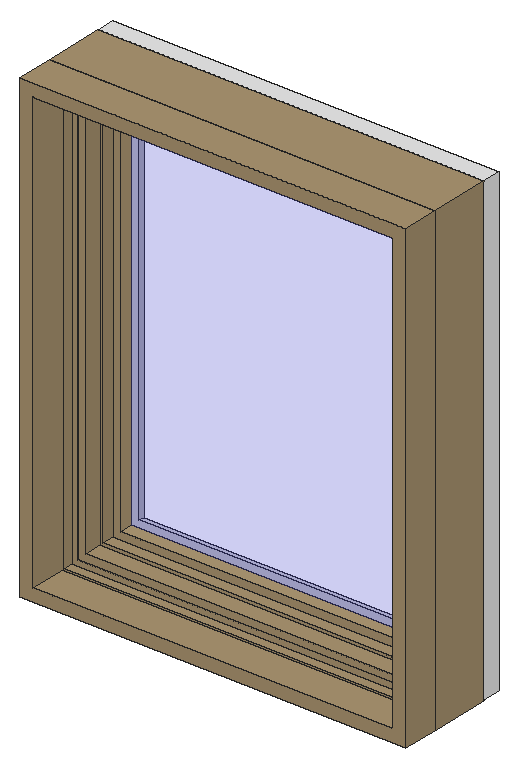
Revit family "Window-Casement-Pella-Architect-Contemporary-Transom-2", category Windows, host Wall, Revit 2013
Parameters (values of type "Default Load Type Catalog")
  Warranty = "https://content.pella.com/cs/groups/public/documents/document/mdaw/mde3/~edisp/pel-017828.pdf?_ga=1.89380059.1797906072.1467308852"
  Wall Thickness [instance] = 0' - 6"
  Visual Light Transmittance = 0
  Vertical Grille Spacing = (Width - 0' 4 47/64") / (Vertical Mullions + 1)  # 0' - 6 27/64"
  Vertical Grille Offset = Vertical Grille Spacing  # 0' - 6 27/64"
  Traditional Grille Single Vertical = and(Traditional Lites Wide = 2, Traditional Grille)  # no
  Traditional Grille Single Horizontal = and(Traditional Lites High = 2, Traditional Grille)  # no
  Traditional Grille Array Vertical = and(Traditional Lites Wide > 2, Traditional Grille)  # no
  Traditional Grille = no
  Traditional Lites Wide = 2
  Nail Fin = yes
  Max Lites = 10  # constant formula
  Horizontal Mullions = if(and(Traditional Lites High < Max Lites, Traditional Lites High > 3), Traditional Lites High - 1, if(or(Traditional Lites High = Max Lites, Traditional Lites High > Max Lites), Max Lites - 1, 2))  # 2
  URL = "http://professional.pella.com"
  Type Comments = "Casement"  # constant formula
  Traditional Grille Array Horizontal = and(Traditional Lites High > 2, Traditional Grille)  # no
  Thermal Resistance (R) = 10.0000 (h·ft²·°F)/BTU
  Specification = "http://media.pella.com/professional/adm/Wood-CSI_Specs/08551.rtf"
  Solar Heat Gain Coefficient = 0
  Rough Width = Width + 0' 0 3/4"  # 2' - 0 3/4"
  Rough Height = Height + 0' 0 3/4"  # 2' - 5 3/4"
  Requested Height = 2' - 5"
  Product Page URL = "http://professional.pella.com/windows/product-details/casement-architect"
  Product Name = "Architect Series Contemporary"  # constant formula
  Product Documentation Link = "http://media.pella.com/professional/adm/Clad-Wood/CM_ASSZTAB.pdf"
  Prairie Offset = 0' - 3"  # constant formula
  Prairie Grille = no
  Operation = "Fixed"  # constant formula
  Offset = 0' - 0"
  Mullions = 0' - 0 7/8"  # constant formula
  Model = "Casement Transom"  # constant formula
  Min Width = 1' - 5"  # constant formula
  Min Height = 1' - 2"  # constant formula
  Max Width = 2' - 11"  # constant formula
  Max Height = 2' - 5"  # constant formula
  Material = "Wood - Pine"  # constant formula
  Manufacturer = "Pella"  # constant formula
  Requested Width = 2' - 0"
  LEED = "http://professional.pella.com/support/leed"
  Jamb Extensions Depth [instance] = if(Jamb Extensions Calc > 0' 0 1/8", Jamb Extensions Calc, 0' 0 1/8")  # 0' - 2 9/32"
  Jamb Extensions Calc [instance] = if(Offset > 0' 0", Wall Thickness - 0' 3 23/32" + Offset, Wall Thickness - 0' 3 23/32" - Inset)  # 0' - 2 9/32"
  Jamb Extensions = yes
  Interior Finish = Wood-Pella-Pine
  Inset = 0' - 0"
  Horizontal Grille Spacing = (Height - 0' 4 47/64") / (Horizontal Mullions + 1)  # 0' - 8.08854"
  Horizontal Grille Offset = Horizontal Grille Spacing  # 0' - 8.08854"
  Traditional Lites High = 2
  Height = if(and(Requested Height < Max Height, Requested Height > Min Height), Requested Height, if(or(Requested Height = Max Height, Requested Height > Max Height), Max Height, Min Height))  # 2' - 5"
  Heat Transfer Coefficient (U) = 0.1000 BTU/(h·ft²·°F)
  Grille Width = Width - 0' 4 47/64"  # 1' - 7 17/64"
  Grille Height = Height - 0' 4 47/64"  # 2' - 0 17/64"
  Vertical Mullions = if(and(Traditional Lites Wide < Max Lites, Traditional Lites Wide > 2), Traditional Lites Wide - 1, if(or(Traditional Lites Wide = Max Lites, Traditional Lites Wide > Max Lites), Max Lites - 1, 2))  # 2
  Glazing = Glass-Pella-Low_E-Argon
  Glass Thickness = 0' - 0 11/16"  # constant formula
  Finish = Aluminum-Pella-EnduraClad-White
  Energy Star = "http://www.pella.com/features-options/energy-efficiency/energy-star/"
  Description = "Aluminum Clad Wood Window"  # constant formula
  Depth = 0' - 5 1/128"  # constant formula
  Default Sill Height = 3' - 0"  # constant formula
  Wall Closure = By host
  Width = if(and(Requested Width < Max Width, Requested Width > Min Width), Requested Width, if(or(Requested Width = Max Width, Requested Width > Max Width), Max Width, Min Width))  # 2' - 0"
  Cladding = "Aluminum"  # constant formula
  Assembly Code = "B2020130"
  Analytic Construction = "<None>"
Values of the unnamed type that differ from the named types
  Thermal Resistance (R) = 1.7611 m²·K/W
  Heat Transfer Coefficient (U) = 0.56783 W/(m²·K)
Reference planes (in)
  plane 1 "Center (Front/Back)": y = 0
  plane 2: z = 0
  plane 3 "Center (Left/Right)": x = 0
  plane 4 "Left": x = -12
  plane 5 "Right": x = 12
  plane 6 "Sill": z = 36
  plane 7 "Top": z = 65
  plane 8 "Nail Flange": y = 3
  plane 9 "Glass Front": y = 3.19273
  plane 10 "Glass Back": y = 2.50523
  plane 11 "Front": y = 4.2919
  plane 12 "Back": y = -0.71591
  plane 13 "Glass Bottom": z = 37.99998
  plane 14 "Glass Top": z = 63.00002
  plane 15 "Glass Left": x = -10.00002
  plane 16 "Glass Right": x = 10.00002
  plane 17 "Inset": y = 3
  plane 18 "Jamb Extension": y = -0.71875
  plane 19 "Grille Bottom": z = 38.36679
  plane 20: z = 62.63321
  plane 21: x = 9.63321
  plane 22: x = -9.63321
  plane 23 "Prarie Right": x = 6.63321
  plane 24 "Prarie Left": x = -6.63321
  plane 25 "Prarie Top": z = 59.63321
  plane 26 "Prarie Bottom": z = 41.36679
  plane 27 "Center (Elevation)": z = 50.5
Forms (in)
  Sweep 1, solid, material "Wood-Pella-Pine" <- "Interior Finish", detail levels medium+fine
    path origin (0, 3, 0) x (-1, 0, 0) y (0, 0, 1)
      loop
        line (-12, 36) -> (12, 36) -> (12, 65) -> (-12, 65) -> (-12, 36)
    profile origin (-12, 3, 50.5) x (1, 0, 0) y (0, 1, 0)
      loop
        line (0, -3.71591) -> (0.875, -3.71591) -> (0.875, -3.04312) -> (1.25, -3.04312) -> (1.25, -1.52632) -> (1.029, -1.52632) -> (1.029, -0.84457) -> (0.72995, -0.84457) -> (0.72995, 0.33204) -> (0.259, 0.33204) -> (0.259, 0.08771) -> (0, 0.08771) -> (0, -3.71591)
  Sweep 2, solid, material "Aluminum-Pella-EnduraClad-White" <- "Finish", detail levels medium+fine
    path origin (0, 3, 0) x (-1, 0, 0) y (0, 0, 1)
      loop
        line (-12, 36) -> (12, 36) -> (12, 65) -> (-12, 65) -> (-12, 36)
    profile origin (-12, 3, 50.5) x (1, 0, 0) y (0, 1, 0)
      loop
        line (0.72995, -0.35799) -> (0.814, -0.35799) -> (0.814, 0.08998) -> (0.76564, 0.64798) -> (0.76564, 1.2299) -> (0.57394, 1.2299) -> (0.36396, 1.2919) -> (0.197, 1.2919) -> (0.197, 0.9179) -> (0.09, 0.9179) -> (0.09, 1.24933) -> (0, 1.24933) -> (0, 0.0999) -> (0.259, 0.0999) -> (0.259, 0.33204) -> (0.72995, 0.33204) -> (0.72995, -0.35799)
      loop
        line (1.012, 0.30847) -> (1.88298, 0.30847) -> (1.88298, 0.19273) -> (2.45587, 0.19273) -> (2.36679, 0.63726) -> (1.012, 0.63726) -> (1.012, 0.30847)
  Extrusion 3, solid, material "Glass-Pella-Low_E-Argon" <- "Glazing"
    sketch origin (0, 0, 36) x (0, -1, 0) y (1, 0, 0)
      loop
        line (-2.50523, -10.00002) -> (-2.50523, 10.00002) -> (-3.19273, 10.00002) -> (-3.19273, -10.00002) -> (-2.50523, -10.00002)
    from 1.99998 to 27.00002
  Sweep 4, solid, material "Aluminum-Pella-EnduraClad-White" <- "Finish", detail levels coarse
    path origin (0, 3, 0) x (-1, 0, 0) y (0, 0, 1)
      loop
        line (-12, 36) -> (12, 36) -> (12, 65) -> (-12, 65) -> (-12, 36)
    profile origin (-12, 3, 50.5) x (1, 0, 0) y (0, 1, 0)
      loop
        line (0, 0) -> (2.46, 0) -> (2.46, 0.63726) -> (0.76564, 0.63726) -> (0.76564, 1.2919) -> (0, 1.2919) -> (0, 0)
  Sweep 5, solid, material "Wood-Pella-Pine" <- "Interior Finish", detail levels coarse
    path origin (0, 3, 0) x (-1, 0, 0) y (0, 0, 1)
      loop
        line (-12, 36) -> (12, 36) -> (12, 65) -> (-12, 65) -> (-12, 36)
    profile origin (-12, 3, 50.5) x (1, 0, 0) y (0, 1, 0)
      loop
        line (0, -3.71591) -> (1.719, -3.71591) -> (1.719, -1.11274) -> (2.46, -1.11274) -> (2.46, 0) -> (0, 0) -> (0, -3.71591)
  Sweep 6, solid, material "Wood-Pella-Pine" <- "Interior Finish", visible <- "Jamb Extensions"
    path origin (0, -0.71875, 0) x (-1, 0, 0) y (0, 0, 1)
      loop
        line (-12, 36) -> (12, 36) -> (12, 65) -> (-12, 65) -> (-12, 36)
    profile origin (-12, -0.71875, 50.5) x (1, 0, 0) y (0, 1, 0)
      loop
        line (0, -2.28125) -> (0.812, -2.28125) -> (0.812, 0) -> (0, 0) -> (0, -2.28125)
  Sweep 7, solid, material "Wood-Pella-Pine" <- "Interior Finish", detail levels medium+fine
    path origin (0, 2.50523, 0) x (-1, 0, 0) y (0, 0, 1)
      loop
        line (-12, 36) -> (12, 36) -> (12, 65) -> (-12, 65) -> (-12, 36)
    profile origin (-12, 2.50523, 50.5) x (1, 0, 0) y (0, 1, 0)
      loop
        line (1.25, 0.80325) -> (1.25, -2.54796) -> (1.719, -2.54796) -> (1.719, -1.40696) -> (1.875, -1.40696) -> (1.875, -0.61796) -> (2.344, -0.61796) -> (2.47535, 0) -> (1.88298, 0) -> (1.88298, 0.80325) -> (1.25, 0.80325)
Lines and regions (in)
  Opening 1
    outline origin (-60, -3, 0) x (1, 0, 0) y (0, 0, 1)
      loop
        line (48, 65) -> (48, 36) -> (72, 36) -> (72, 65) -> (48, 65)
  Masking region 1, detail levels coarse
    outline origin (0, 0, 36) x (0, -1, 0) y (1, 0, 0)
      loop
        line (-3.19273, -9.54) -> (-2.50523, -9.54) -> (-2.50523, 9.54) -> (-3.19273, 9.54) -> (-3.19273, -9.54)
  Masking region 2, detail levels coarse
    outline origin (0, 0, 0) x (0, 1, 0) y (0, 0, 1)
      loop
        line (3.19273, 38.46) -> (3.19273, 62.54) -> (2.50523, 62.54) -> (2.50523, 38.46) -> (3.19273, 38.46)
  Masking region 3, detail levels medium+fine
    outline origin (0, 0, 0) x (0, 1, 0) y (0, 0, 1)
      loop
        line (3.19273, 37.99998) -> (3.19273, 63.00002) -> (3.06773, 63.00002) -> (3.06773, 37.99998) -> (3.19273, 37.99998)
      loop
        line (2.63023, 37.99998) -> (2.63023, 63.00002) -> (2.50523, 63.00002) -> (2.50523, 37.99998) -> (2.63023, 37.99998)
  Masking region 4, detail levels medium+fine
    outline origin (0, 0, 36) x (0, -1, 0) y (1, 0, 0)
      loop
        line (-2.50523, -10.00002) -> (-2.50523, 10.00002) -> (-2.63023, 10.00002) -> (-2.63023, -10.00002) -> (-2.50523, -10.00002)
      loop
        line (-3.06773, -10.00002) -> (-3.06773, 10.00002) -> (-3.19273, 10.00002) -> (-3.19273, -10.00002) -> (-3.06773, -10.00002)
  Masking region 5, visible <- "Jamb Extensions"
    outline origin (0, 0, 50.5) x (1, 0, 0) y (0, 1, 0)
      loop
        line (-12, -3) -> (-11.188, -3) -> (-11.188, -0.71591) -> (-12, -0.71591) -> (-12, -3)
      loop
        line (11.188, -3) -> (12, -3) -> (12, -0.71591) -> (11.188, -0.71591) -> (11.188, -3)
  Masking region 6, visible <- "Jamb Extensions"
    outline origin (0, 0, 0) x (0, 1, 0) y (0, 0, 1)
      loop
        line (-0.71591, 36) -> (-0.71591, 36.812) -> (-3, 36.812) -> (-3, 36) -> (-0.71591, 36)
      loop
        line (-0.71591, 64.188) -> (-0.71591, 65) -> (-3, 65) -> (-3, 64.188) -> (-0.71591, 64.188)
  symbolic lines, style "Elevation Swing"
    curve 1: line (12, 4.2919, 36) -> (0, 4.2919, 65)
    curve 2: line (0, 4.2919, 65) -> (-12, 4.2919, 36)
Text (in)
  text "EXTERIOR" at (-58.6888, 50.90694, 0), in view "Ref. Level"
  text "INTERIOR" at (-58.6888, -37.76638, 0), in view "Ref. Level"
  text "Exterior" at (0, 43.65631, 123.19604), in view "Left"
  text "Exterior" at (0, 18.29385, 125.04747), in view "Right"
Dimensions and locks (in)
  equal spacing: plane 4 "Left", plane 3 "Center (Left/Right)", plane 5 "Right"
  "Width": plane 4 "Left" to plane 5 "Right"
  "Height": plane 6 "Sill" to plane 7 "Top"
  "Default Sill Height": plane 2 to plane 6 "Sill"
  locked: plane 9 "Glass Front" to plane 8 "Nail Flange" at 0.19273
  "Offset": plane 8 "Nail Flange" to plane 17 "Inset"
  locked: Masking region 1 sketch curve to plane 16 "Glass Right" at 0.46002
  locked: plane 15 "Glass Left" to Masking region 1 sketch curve at 0.46002
  locked: Masking region 2 sketch curve to plane 14 "Glass Top" at 0.46002
  locked: plane 13 "Glass Bottom" to Masking region 2 sketch curve at 0.46002
  locked: plane 9 "Glass Front" to Masking region 3 sketch curve at 0.125
  locked: Masking region 3 sketch curve to plane 10 "Glass Back" at 0.125
  locked: Masking region 4 sketch curve to plane 10 "Glass Back" at 0.125
  locked: plane 9 "Glass Front" to Masking region 4 sketch curve at 0.125
  locked: plane 11 "Front" to plane 8 "Nail Flange" at 1.2919
  "Depth": plane 11 "Front" to plane 12 "Back"
  plane 4 "Left" to Sweep 2 sketch curve to Sweep 2 sketch curve to Sweep 2 sketch curve to Sweep 2 sketch curve to Sweep 2 sketch curve to Sweep 2 sketch curve to Sweep 2 sketch curve to Sweep 2 sketch curve = 0' - 0.09" locked, 0' - 0.107" locked, 0' - 0.062" locked, 0' - 0.10496" locked, 0' - 0.20997" locked, 0' - 0.15601" locked, 0' - 0.0357" locked, 0' - 0.04836" locked
  plane 11 "Front" to Sweep 2 sketch curve to Sweep 2 sketch curve to Sweep 2 sketch curve to Sweep 2 sketch curve to Sweep 2 sketch curve to Sweep 2 sketch curve to Sweep 2 sketch curve to Sweep 2 sketch curve = 0' - 0.04257" locked, 0' - 0.01943" locked, 0' - 0.312" locked, 0' - 0.26992" locked, 0' - 0.31594" locked, 0' - 0.23214" locked, 0' - 0.00992" locked, 0' - 0.44797" locked
  locked: plane 6 "Sill" to plane 13 "Glass Bottom" at 1.99998
  locked: plane 7 "Top" to plane 14 "Glass Top" at 1.99998
  locked: plane 16 "Glass Right" to plane 5 "Right" at 1.99998
  locked: plane 4 "Left" to plane 15 "Glass Left" at 1.99998
  locked: Sweep 4 sketch curve to plane 8 "Nail Flange" at 0.63726
  plane 4 "Left" to Sweep 4 sketch curve to Sweep 4 sketch curve = 0' - 0 49/64" locked, 0' - 1.69436" locked
  locked: plane 8 "Nail Flange" to Sweep 5 sketch curve at 1.11274
  plane 4 "Left" to Sweep 5 sketch curve to Sweep 5 sketch curve = 0' - 1.719" locked, 0' - 0.741" locked
  "Inset": host wall to plane 17 "Inset"
  "Wall Thickness": host wall to host wall
  "Jamb Extensions Depth": host wall to plane 18 "Jamb Extension"
  locked: plane 4 "Left" to Sweep 6 sketch curve at 0.812
  locked: plane 20 to plane 7 "Top" at 2.36679
  locked: plane 6 "Sill" to plane 19 "Grille Bottom" at 2.36679
  locked: plane 5 "Right" to plane 21 at 2.36679
  locked: plane 4 "Left" to plane 22 at 2.36679
  "Prairie Offset": plane 19 "Grille Bottom" to plane 26 "Prarie Bottom"
  "Prairie Offset": plane 25 "Prarie Top" to plane 20
  "Prairie Offset": plane 21 to plane 23 "Prarie Right"
  "Prairie Offset": plane 24 "Prarie Left" to plane 22
  locked: nested 7 to plane 9 "Glass Front" at 0
  locked: nested 8 to plane 9 "Glass Front" at 0
  locked: plane 21 to nested 8 at 0.00237
  "Vertical Grille Offset": nested 9 to plane 21
  group 2 to group 1 = 0' - 6 27/64"
  group 1 to group 2 = 0' - 0"  (x2)
  "Vertical Grille Spacing": nested 10 to nested 9
  "Horizontal Grille Offset": plane 19 "Grille Bottom" to nested 11
  group 3 to group 4 = 0' - 0"  (x2)
  group 3 to group 4 = 0' - 8.08854"
  "Horizontal Grille Spacing": nested 11 to nested 12
  locked: nested 12 to plane 21 at 0
  equal spacing: plane 6 "Sill", plane 27 "Center (Elevation)", plane 7 "Top"
  locked: nested 14 to plane 27 "Center (Elevation)"
  locked: plane 4 "Left" to Masking region 5 sketch curve at 0.812
  locked: Masking region 5 sketch curve to plane 5 "Right" at 0.812
  locked: Masking region 6 sketch curve to plane 7 "Top" at 0.812
  locked: plane 6 "Sill" to Masking region 6 sketch curve at 0.812
  "Glass Thickness": plane 9 "Glass Front" to plane 10 "Glass Back"
  Sweep 1 sketch curve to Sweep 1 sketch curve to Sweep 1 sketch curve to Sweep 1 sketch curve to Sweep 1 sketch curve to plane 18 "Jamb Extension" = 0' - 0.24433" locked, 0' - 0.93227" locked, 0' - 0.68175" locked, 0' - 1.5168" locked, 0' - 0.67563" locked
  plane 4 "Left" to Sweep 1 sketch curve to Sweep 1 sketch curve to Sweep 1 sketch curve to Sweep 1 sketch curve to Sweep 1 sketch curve = 0' - 0.259" locked, 0' - 0.47095" locked, 0' - 0.14505" locked, 0' - 0.154" locked, 0' - 0.221" locked
  Sweep 2 sketch curve to Sweep 2 sketch curve to plane 9 "Glass Front" = 0' - 0.32879" locked, 0' - 0.11575" locked
  Sweep 2 sketch curve to Sweep 2 sketch curve to plane 15 "Glass Left" to Sweep 2 sketch curve to Sweep 2 sketch curve = 0' - 0.87098" locked, 0' - 0.117" locked, 0' - 0.36681" locked, 0' - 0.08908" locked
  Sweep 7 sketch curve to plane 10 "Glass Back" to Sweep 7 sketch curve to Sweep 7 sketch curve to Sweep 7 sketch curve = 0' - 0.80325" locked, 0' - 0.61796" locked, 0' - 0.789" locked, 0' - 1.141" locked
  Sweep 7 sketch curve to Sweep 7 sketch curve to Sweep 7 sketch curve to Sweep 7 sketch curve to plane 15 "Glass Left" to Sweep 7 sketch curve to Sweep 7 sketch curve = 0' - 0.469" locked, 0' - 0.156" locked, 0' - 0.00798" locked, 0' - 0.117" locked, 0' - 0.34402" locked, 0' - 0.13135" locked
  aligned and locked: plane 7 "Top" to Opening 1 sketch curve
  aligned and locked: plane 6 "Sill" to Opening 1 sketch curve  (x2)
  aligned and locked: plane 5 "Right" to Opening 1 sketch curve
  aligned and locked: plane 4 "Left" to Opening 1 sketch curve
  aligned and locked: level to plane 2
  aligned and locked: nested 1 to plane 8 "Nail Flange"
  aligned and locked: nested 1 to plane 5 "Right"
  aligned and locked: plane 8 "Nail Flange" to nested 2
  aligned and locked: nested 2 to plane 4 "Left"
  aligned and locked: plane 8 "Nail Flange" to nested 3
  aligned and locked: nested 3 to plane 6 "Sill"
  aligned and locked: nested 4 to plane 8 "Nail Flange"
  aligned and locked: nested 4 to plane 7 "Top"
  aligned and locked: Masking region 1 sketch curve to plane 9 "Glass Front"
  aligned and locked: plane 10 "Glass Back" to Masking region 1 sketch curve
  aligned and locked: plane 10 "Glass Back" to Masking region 2 sketch curve
  aligned and locked: Masking region 2 sketch curve to plane 9 "Glass Front"
  aligned and locked: plane 10 "Glass Back" to Masking region 3 sketch curve
  aligned and locked: Masking region 3 sketch curve to plane 9 "Glass Front"
  aligned and locked: plane 9 "Glass Front" to Masking region 4 sketch curve
  aligned and locked: Masking region 4 sketch curve to plane 10 "Glass Back"
  aligned and locked: Sweep 1 sketch curve to plane 5 "Right"
  aligned and locked: plane 4 "Left" to Sweep 1 sketch curve  (x2)
  aligned and locked: Sweep 1 sketch curve to plane 7 "Top"
  aligned and locked: plane 6 "Sill" to Sweep 1 sketch curve
  aligned and locked: Sweep 1 sketch curve to plane 12 "Back"
  aligned and locked: Sweep 2 sketch curve to plane 5 "Right"
  aligned and locked: plane 4 "Left" to Sweep 2 sketch curve  (x2)
  aligned and locked: plane 6 "Sill" to Sweep 2 sketch curve
  aligned and locked: Sweep 2 sketch curve to plane 7 "Top"
  aligned and locked: plane 11 "Front" to Sweep 2 sketch curve
  aligned and locked: plane 10 "Glass Back" to Extrusion 3 sketch curve
  aligned and locked: Extrusion 3 sketch curve to plane 9 "Glass Front"
  aligned and locked: plane 15 "Glass Left" to Extrusion 3 sketch curve
  aligned and locked: plane 16 "Glass Right" to Extrusion 3 sketch curve
  aligned and locked: plane 15 "Glass Left" to Masking region 4 sketch curve  (x2)
  aligned and locked: plane 16 "Glass Right" to Masking region 4 sketch curve  (x2)
  aligned and locked: plane 13 "Glass Bottom" to Masking region 3 sketch curve  (x2)
  aligned and locked: Masking region 3 sketch curve to plane 14 "Glass Top"  (x2)
  aligned and locked: Extrusion 3 to plane 13 "Glass Bottom"
  aligned and locked: plane 14 "Glass Top" to Extrusion 3
  aligned and locked: plane 6 "Sill" to Sweep 4 sketch curve
  aligned and locked: Sweep 4 sketch curve to plane 5 "Right"
  aligned and locked: Sweep 4 sketch curve to plane 7 "Top"
  aligned and locked: plane 4 "Left" to Sweep 4 sketch curve  (x2)
  aligned and locked: plane 11 "Front" to Sweep 4 sketch curve
  aligned and locked: Sweep 4 sketch curve to plane 8 "Nail Flange"
  aligned and locked: plane 4 "Left" to Sweep 5 sketch curve  (x2)
  aligned and locked: Sweep 5 sketch curve to plane 5 "Right"
  aligned and locked: Sweep 5 sketch curve to plane 7 "Top"
  aligned and locked: plane 6 "Sill" to Sweep 5 sketch curve
  aligned and locked: Sweep 5 sketch curve to plane 12 "Back"
  aligned and locked: plane 8 "Nail Flange" to Sweep 5 sketch curve
  aligned and locked: Sweep 6 sketch curve to plane 5 "Right"
  aligned and locked: plane 4 "Left" to Sweep 6 sketch curve  (x2)
  aligned and locked: plane 6 "Sill" to Sweep 6 sketch curve
  aligned and locked: Sweep 6 sketch curve to plane 7 "Top"
  aligned and locked: plane 18 "Jamb Extension" to Sweep 6 sketch curve
  aligned and locked: host wall to Sweep 6 sketch curve
  aligned and locked: plane 9 "Glass Front" to nested 5
  aligned and locked: plane 23 "Prarie Right" to nested 5
  aligned and locked: plane 9 "Glass Front" to nested 6
  aligned and locked: plane 21 to nested 6
  aligned and locked: plane 26 "Prarie Bottom" to nested 6
  aligned and locked: plane 24 "Prarie Left" to nested 7
  aligned and locked: plane 25 "Prarie Top" to nested 8
  aligned and locked: plane 9 "Glass Front" to nested 9
  aligned and locked: plane 9 "Glass Front" to nested 10
  aligned and locked: plane 9 "Glass Front" to nested 11
  aligned and locked: plane 21 to nested 11
  aligned and locked: plane 9 "Glass Front" to nested 12
  aligned and locked: plane 9 "Glass Front" to nested 13
  aligned and locked: plane 3 "Center (Left/Right)" to nested 13
  aligned and locked: plane 9 "Glass Front" to nested 14
  aligned and locked: plane 21 to nested 14
  aligned and locked: plane 12 "Back" to Masking region 5 sketch curve  (x2)
  aligned and locked: host wall to Masking region 5 sketch curve  (x2)
  aligned and locked: plane 4 "Left" to Masking region 5 sketch curve
  aligned and locked: Masking region 5 sketch curve to plane 5 "Right"
  aligned and locked: Masking region 6 sketch curve to plane 6 "Sill"
  aligned and locked: Masking region 6 sketch curve to host wall  (x2)
  aligned and locked: Masking region 6 sketch curve to plane 12 "Back"  (x2)
  aligned and locked: plane 7 "Top" to Masking region 6 sketch curve
  aligned and locked: plane 9 "Glass Front" to Sweep 2 sketch curve
  aligned and locked: plane 6 "Sill" to Sweep 7 sketch curve
  aligned and locked: Sweep 7 sketch curve to plane 5 "Right"
  aligned and locked: Sweep 7 sketch curve to plane 7 "Top"
  aligned and locked: plane 4 "Left" to Sweep 7 sketch curve
  aligned and locked: Sweep 7 sketch curve to plane 10 "Glass Back"
  aligned and locked: plane 6 "Sill" to curve 2
  aligned and locked: plane 4 "Left" to curve 2
  aligned and locked: plane 6 "Sill" to curve 1
  aligned and locked: plane 5 "Right" to curve 1
  aligned and locked: plane 3 "Center (Left/Right)" to curve 1
  aligned and locked: plane 7 "Top" to curve 1
Nested families (in)
  nested 1: "Nested-Casement-Pella-Architect-Contemporary-Fixed" at (12, 3, 36) x (0, -1, 0) z (0, 0, -1), type "Fixed Casement"
  nested 2: "Nested-Casement-Pella-Architect-Contemporary-Fixed" at (-12, 3, 36) x (0, -1, 0) z (0, 0, -1), type "Fixed Casement"
  nested 3: "Nested-Casement-Pella-Architect-Contemporary-Fixed" at (0, 3, 36) x (0, -1, 0) z (1, 0, 0), type "Fixed Casement"
  nested 4: "Nested-Casement-Pella-Architect-Contemporary-Fixed" at (0, 3, 65) x (0, -1, 0) z (1, 0, 0), type "Fixed Casement"
  nested 5: "Nested-Mullion-Pella" at (6.63321, 2.84898, 38.36679), visible <- "Prairie Grille", type "Vertical Mullion"
    with Height 2' - 0 17/64", Glass Thickness 0' - 0 11/16", Depth 0' - 1 7/16"
  nested 6: "Nested-Mullion-Pella" at (0.00039, 2.84898, 40.92929), visible <- "Prairie Grille", type "Horizontal Mullion"
    with Width 1' - 7 17/64", Glass Thickness 0' - 0 11/16", Depth 0' - 1 7/16"
  nested 7: "Nested-Mullion-Pella" at (-6.63321, 2.84898, 38.36679), visible <- "Prairie Grille", type "Vertical Mullion"
    with Height 2' - 0 17/64", Glass Thickness 0' - 0 11/16", Depth 0' - 1 7/16"
  nested 8: "Nested-Mullion-Pella" at (-0.00198, 2.84898, 59.19571), visible <- "Prairie Grille", type "Horizontal Mullion"
    with Width 1' - 7 17/64", Glass Thickness 0' - 0 11/16", Depth 0' - 1 7/16"
  nested 9: "Nested-Mullion-Pella" at (3.21133, 2.84898, 38.36679), visible <- "Traditional Grille Array Vertical", type "Vertical Mullion"
    with Height 2' - 0 17/64", Glass Thickness 0' - 0 11/16", Depth 0' - 1 7/16"
  nested 10: "Nested-Mullion-Pella" at (-3.21054, 2.84898, 38.36679), visible <- "Traditional Grille Array Vertical", type "Vertical Mullion"
    with Height 2' - 0 17/64", Glass Thickness 0' - 0 11/16", Depth 0' - 1 7/16"
  nested 11: "Nested-Mullion-Pella" at (0.00039, 2.84898, 46.01784), visible <- "Traditional Grille Array Horizontal", type "Horizontal Mullion"
    with Width 1' - 7 17/64", Glass Thickness 0' - 0 11/16", Depth 0' - 1 7/16"
  nested 12: "Nested-Mullion-Pella" at (0.00039, 2.84898, 54.10638), visible <- "Traditional Grille Array Horizontal", type "Horizontal Mullion"
    with Width 1' - 7 17/64", Glass Thickness 0' - 0 11/16", Depth 0' - 1 7/16"
  nested 13: "Nested-Mullion-Pella" at (0, 2.84898, 38.36679), visible <- "Traditional Grille Single Vertical", type "Vertical Mullion"
    with Height 2' - 0 17/64", Glass Thickness 0' - 0 11/16", Depth 0' - 1 7/16"
  nested 14: "Nested-Mullion-Pella" at (0.00039, 2.84898, 50.0625), visible <- "Traditional Grille Single Horizontal", type "Horizontal Mullion"
    with Width 1' - 7 17/64", Glass Thickness 0' - 0 11/16", Depth 0' - 1 7/16"
Definition of nested family "Nested-Mullion-Pella"
  Parameters (values of type "Vertical Mullion")
    Width = 0' - 0 7/8"
    Vertical = yes
    URL = "http://www.pella.com/"
    Type Comments = "Mullion"  # constant formula
    Model = "Mullion for Pella Models"  # constant formula
    Manufacturer = "Pella"  # constant formula
    Interior Finish = Wood-Pella-Pine
    Horizontal = no
    Height = 1' - 8 49/64"
    Glass Thickness = 0' - 0 13/16"
    Finish = Aluminum-Pella-EnduraClad-White
    Description = "For use with Pella Models"  # constant formula
    Depth = Glass Thickness + 0' 0 3/4"  # 0' - 1 9/16"
    Default Elevation = 4' - 0"
  Types (2): name | Width | Vertical | Horizontal | Height
    Horizontal Mullion | 1' - 8 49/64" | no | yes | 0' - 0 7/8"
    Vertical Mullion | 0' - 0 7/8" | yes | no | 1' - 8 49/64"
  Reference planes (in)
    plane 1 "Center (Front/Back)": y = 0
    plane 2 "Bottom": z = 0
    plane 3 "Center (Left/Right)": x = 0
    plane 4 "Left": x = -0.4375
    plane 5 "Right": x = 0.4375
    plane 6 "Front": y = -0.78125
    plane 7 "Back": y = 0.78125
    plane 8 "Top": z = 20.76563
    plane 9 "Glass Back": y = 0.40625
    plane 10 "Glass Front": y = -0.40625
    plane 11 "Center (Elevation)": z = 10.38281
  Forms (in)
    Extrusion 1, solid, material "Aluminum-Pella-EnduraClad-White" <- "Finish", detail levels medium+fine
      sketch origin (0, 0, 0) x (1, 0, 0) y (0, 1, 0)
        loop
          line (-0.4375, 0.78125) -> (-0.4375, 0.40625) -> (0.4375, 0.40625) -> (0.4375, 0.78125) -> (-0.4375, 0.78125)
      from 0 to 20.76562
    Extrusion 2, solid, material "Wood-Pella-Pine" <- "Interior Finish", detail levels medium+fine
      sketch origin (0, 0, 0) x (1, 0, 0) y (0, 1, 0)
        loop
          line (-0.4375, -0.40625) -> (-0.4375, -0.78125) -> (0.4375, -0.78125) -> (0.4375, -0.40625) -> (-0.4375, -0.40625)
      from 0 to 20.76562
    Extrusion 3, solid, material "Foam-Pella-Dark_Grey", detail levels medium+fine
      sketch origin (0, 0, 0) x (1, 0, 0) y (0, 1, 0)
        loop
          line (-0.25, -0.28125) -> (0.25, -0.28125) -> (0.25, 0.28125) -> (-0.25, 0.28125) -> (-0.25, -0.28125)
      from 0 to 20.76562
  Lines and regions (in)
    model lines, visible <- "Vertical", detail levels coarse
      curve 1: line (0, -0.40625, 0) -> (0, -0.40625, 20.76563)
      curve 2: line (0, 0.40625, 0) -> (0, 0.40625, 20.76563)
    model lines, visible <- "Horizontal", detail levels coarse
      curve 3: line (-0.4375, 0.40625, 10.38281) -> (0.4375, 0.40625, 10.38281)
      curve 4: line (-0.4375, -0.40625, 10.38281) -> (0.4375, -0.40625, 10.38281)
  Dimensions and locks (in)
    equal spacing: plane 4 "Left", plane 3 "Center (Left/Right)", plane 5 "Right"
    "Width": plane 4 "Left" to plane 5 "Right"
    "Height": plane 8 "Top" to level
    equal spacing: plane 10 "Glass Front", plane 1 "Center (Front/Back)", plane 9 "Glass Back"
    "Glass Thickness": plane 10 "Glass Front" to plane 9 "Glass Back"
    equal spacing: plane 7 "Back", plane 1 "Center (Front/Back)", plane 6 "Front"
    "Depth": plane 7 "Back" to plane 6 "Front"
    equal spacing: plane 8 "Top", plane 11 "Center (Elevation)", level
    locked: plane 10 "Glass Front" to Extrusion 3 sketch curve at 0.125
    locked: plane 9 "Glass Back" to Extrusion 3 sketch curve at 0.125
    locked: plane 4 "Left" to Extrusion 3 sketch curve at 0.1875
    locked: Extrusion 3 sketch curve to plane 5 "Right" at 0.1875
    aligned and locked: plane 2 "Bottom" to level
    aligned and locked: plane 3 "Center (Left/Right)" to curve 1
    aligned and locked: plane 8 "Top" to curve 1
    aligned and locked: level to curve 1
    aligned and locked: curve 2 to plane 3 "Center (Left/Right)"
    aligned and locked: plane 8 "Top" to curve 2
    aligned and locked: level to curve 2
    aligned and locked: plane 5 "Right" to curve 3
    aligned and locked: plane 4 "Left" to curve 3
    aligned and locked: plane 11 "Center (Elevation)" to curve 3
    aligned and locked: curve 4 to plane 11 "Center (Elevation)"
    aligned and locked: plane 5 "Right" to curve 4
    aligned and locked: plane 4 "Left" to curve 4
    aligned and locked: plane 9 "Glass Back" to Extrusion 1 sketch curve
    aligned and locked: Extrusion 1 sketch curve to plane 7 "Back"
    aligned and locked: Extrusion 1 sketch curve to plane 4 "Left"
    aligned and locked: Extrusion 1 sketch curve to plane 5 "Right"
    aligned and locked: plane 6 "Front" to Extrusion 2 sketch curve
    aligned and locked: plane 10 "Glass Front" to Extrusion 2 sketch curve
    aligned and locked: Extrusion 2 sketch curve to plane 4 "Left"
    aligned and locked: Extrusion 2 sketch curve to plane 5 "Right"
    aligned and locked: plane 8 "Top" to Extrusion 2
    aligned and locked: Extrusion 2 to level
    aligned and locked: plane 8 "Top" to Extrusion 1
    aligned and locked: Extrusion 1 to level
    aligned and locked: Extrusion 3 to level
    aligned and locked: plane 8 "Top" to Extrusion 3
Definition of nested family "Nested-Casement-Pella-Architect-Contemporary-Fixed"
  Parameters (values of type "Fixed Casement")
    Type Comments = "For use with Pella Architect Series Models"  # constant formula
    Nail Fin = yes
    Glass Thickness = 0' - 0 11/16"
    Assembly Code = "B2020130"
  Reference planes (in)
    plane 1 "Bottom Placement": y = 0
    plane 2: z = 0
    plane 3 "Center (Left/Right)": x = 0
    plane 4 "Back": x = 3.71496
    plane 5 "Front": x = -1.2919
    plane 6 "Glass Intersection": y = 1.99998
    plane 7 "Glass Front": x = -0.18976
    plane 8 "Glass Back": x = 0.49774
  Lines and regions (in)
    Filled region 1, type "Wood - Pella", in view "Ref. Level", detail levels medium+fine
      outline origin (0, 0, 0) x (1, 0, 0) y (0, 1, 0)
        loop
          line (3.15196, 0.081) -> (3.15196, 0) -> (3.71496, 0) -> (3.71496, 0.875) -> (3.04312, 0.875) -> (3.04312, 1.25) -> (2.90041, 1.25) -> (2.90041, 0.843) -> (2.38542, 0.843) -> (2.38542, 1.093) -> (1.839, 1.093) -> (1.839, 1.25) -> (1.52632, 1.25) -> (1.52632, 1.029) -> (0.84457, 1.029) -> (0.84457, 0.774) -> (0.38931, 0.774) -> (0.38931, 0.6938) -> (-0.08795, 0.6938) -> (-0.08795, 0.75022) -> (-0.15701, 0.75022) -> (-0.33204, 0.52355) -> (-0.33204, 0.422) -> (-0.14985, 0.259) -> (-0.09407, 0.259) -> (-0.09407, 0.313) -> (0.00845, 0.313) -> (0.00845, 0.081) -> (3.15196, 0.081)
    Filled region 2, type "Wood - Pella", in view "Ref. Level", detail levels medium+fine
      outline origin (0, 0, 0) x (1, 0, 0) y (0, 1, 0)
        loop
          line (1.11274, 1.25) -> (1.11274, 2.344) -> (0.49774, 2.47472) -> (0.49774, 2.222) -> (0.56674, 2.222) -> (0.56674, 1.88298) -> (-0.25656, 1.88298) -> (-0.25656, 1.796) -> (-0.38426, 1.796) -> (-0.38426, 1.866) -> (-0.57908, 1.81947) -> (-0.60226, 1.38) -> (-0.36742, 1.25) -> (-0.36742, 1.445) -> (-0.26481, 1.445) -> (-0.26481, 1.25) -> (-0.04026, 1.25) -> (-0.04026, 1.315) -> (0.47574, 1.315) -> (0.47574, 1.25) -> (1.11274, 1.25)
    Masking region 1, in view "Ref. Level", detail levels medium+fine
      outline origin (0, 0, 0) x (1, 0, 0) y (0, 1, 0)
        loop
          line (-1.1063, 0) -> (-1.04986, 0.02362) -> (-0.2799, 0.02362)
          arc (-0.2799, 0.02362) -> (-0.25144, 0.04367) -> (-0.25679, 0.07807) r 0.033
          line (-0.25679, 0.07807) -> (-0.24489, 0.214) -> (-0.1449, 0.214) -> (-0.1449, 0.07562)
          arc (-0.1449, 0.07562) -> (-0.14158, 0.03402) -> (-0.0999, 0.03196) r 0.03161
          line (-0.0999, 0.03196) -> (-0.0999, 0.20433) -> (-0.03496, 0.20433) -> (-0.03496, 0.29969) -> (-0.08183, 0.29969) -> (-0.08183, 0.259) -> (-0.28613, 0.259) -> (-0.30266, 0.07) -> (-0.8729, 0.07) -> (-0.8729, 0.242) -> (-1.2469, 0.242) -> (-1.2469, 0.35779) -> (-1.1849, 0.56776) -> (-1.1849, 0.71877) -> (-0.64595, 0.71877) -> (-0.08795, 0.76713) -> (-0.08795, 0.72995) -> (-0.05389, 0.72995) -> (0.01051, 0.76713) -> (0.35799, 0.76713) -> (0.35799, 0.814) -> (-0.08998, 0.814) -> (-0.64798, 0.76564) -> (-1.2299, 0.76564) -> (-1.2299, 0.57394) -> (-1.2919, 0.36396) -> (-1.2919, 0.197) -> (-0.9179, 0.197) -> (-0.9179, 0.09) -> (-1.20133, 0.09)
          arc (-1.20133, 0.09) -> (-1.24784, 0.0541) -> (-1.2249, 0) r 0.04809
          line (-1.2249, 0) -> (-1.1063, 0)
        loop
          line (-0.63726, 1.012) -> (-0.46027, 1.012) -> (-0.46027, 1.09838) -> (-0.56827, 1.18307) -> (-0.56827, 1.21875) -> (-0.30847, 1.21875) -> (-0.30847, 1.30814) -> (-0.33972, 1.30814) -> (-0.33972, 1.25) -> (-0.59952, 1.25) -> (-0.59952, 1.16786) -> (-0.49152, 1.08317) -> (-0.49152, 1.04325) -> (-0.60601, 1.04325) -> (-0.60601, 2.34118) -> (-0.29274, 2.40396) -> (-0.29274, 2.14689) -> (-0.58174, 1.95195) -> (-0.58174, 1.866) -> (-0.35538, 1.866) -> (-0.35538, 1.81889) -> (-0.32413, 1.81889) -> (-0.32413, 1.89725) -> (-0.55377, 1.89725) -> (-0.55377, 1.93312) -> (-0.26149, 2.13027) -> (-0.26149, 2.34654) -> (-0.19273, 2.34654) -> (-0.19273, 2.45587) -> (-0.63726, 2.36679) -> (-0.63726, 1.012)
    Masking region 2, in view "Ref. Level", visible <- "Nail Fin", detail levels fine
      outline origin (0, 0, 0) x (1, 0, 0) y (0, 1, 0)
        loop
          line (-0.14503, 0.08096) -> (-0.15471, 0.214) -> (-0.24621, 0.214) -> (-0.24621, -0.02866) -> (-0.03125, -0.02866) -> (-0.03125, -1.23276) -> (0, -1.23276) -> (0, 0.00259) -> (-0.21496, 0.00259) -> (-0.21496, 0.18191) -> (-0.18371, 0.18191) -> (-0.17636, 0.08096) -> (-0.14503, 0.08096)
    Masking region 3, in view "Ref. Level", detail levels coarse
      outline origin (0, 0, 0) x (1, 0, 0) y (0, 1, 0)
        loop
          line (-1.2919, 0) -> (3.71496, 0) -> (3.71496, 1.719) -> (1.11274, 1.719) -> (1.11274, 2.46) -> (-0.63726, 2.46) -> (-0.63726, 0.76564) -> (-1.2919, 0.76564) -> (-1.2919, 0)
    Filled region 3, type "Wood - Pella", in view "Ref. Level", detail levels medium+fine
      outline origin (0, 0, 0) x (1, 0, 0) y (0, 1, 0)
        loop
          line (1.15174, 1.875) -> (1.12294, 1.49725) -> (1.25379, 1.49725) -> (1.25379, 1.179) -> (1.34123, 1.179) -> (1.34123, 1.25) -> (1.8639, 1.25) -> (1.8639, 1.177) -> (2.24984, 1.177) -> (2.24984, 1.45229) -> (2.37991, 1.45229) -> (2.37991, 1.177) -> (2.87948, 1.177) -> (2.87948, 1.2545) -> (3.04274, 1.2545) -> (3.04274, 1.719) -> (1.90174, 1.719) -> (1.90174, 1.875) -> (1.15174, 1.875)
    Masking region 4, in view "Ref. Level", detail levels fine
      outline origin (0, 0, 0) x (1, 0, 0) y (0, 1, 0)
        loop
          line (-0.21026, 0.814) -> (0.78374, 0.814) -> (0.78374, 1.17578) -> (0.65874, 1.25) -> (0.4478, 1.25) -> (0.25249, 1.14453) -> (0.27476, 1.10329) -> (0.43999, 1.19251) -> (0.43999, 0.86088) -> (-0.13032, 0.86088) -> (0.06892, 1.21689) -> (0.02802, 1.23978) -> (-0.21026, 0.814)
        loop
          line (0.64587, 1.20313) -> (0.48686, 1.20313) -> (0.48686, 0.86088) -> (0.73686, 0.86088) -> (0.73686, 1.1491) -> (0.64587, 1.20313)
  Dimensions and locks (in)
    locked: plane 5 "Front" to plane 3 "Center (Left/Right)" at 1.2919
    locked: plane 3 "Center (Left/Right)" to plane 4 "Back" at 3.71496
    locked: plane 7 "Glass Front" to plane 3 "Center (Left/Right)" at 0.18976
    "Glass Thickness": plane 7 "Glass Front" to plane 8 "Glass Back"
    plane 1 "Bottom Placement" to Masking region 1 sketch curve to Masking region 1 sketch curve to Masking region 1 sketch curve to Masking region 1 sketch curve to Masking region 1 sketch curve to Masking region 1 sketch curve to Masking region 1 sketch curve to Masking region 1 sketch curve to Masking region 1 sketch curve to Masking region 1 sketch curve to Masking region 1 sketch curve to Masking region 1 sketch curve to Masking region 1 sketch curve to Masking region 1 sketch curve to Masking region 1 sketch curve to Masking region 1 sketch curve to Masking region 1 sketch curve to Masking region 1 sketch curve to Masking region 1 sketch curve to Masking region 1 sketch curve to Masking region 1 sketch curve to Masking region 1 sketch curve to Masking region 1 sketch curve to Masking region 1 sketch curve to Masking region 1 sketch curve = 0' - 0.02362" locked, 0' - 0.00148" locked, 0' - 0.00687" locked, 0' - 0.00995" locked, 0' - 0.01465" locked, 0' - 0.01344" locked, 0' - 0.00562" locked, 0' - 0.00244" locked, 0' - 0.01193" locked, 0' - 0.107" locked, 0' - 0.00733" locked, 0' - 0.00967" locked, 0' - 0.028" locked, 0' - 0.017" locked, 0' - 0.04069" locked, 0' - 0.0581" locked, 0' - 0.00617" locked, 0' - 0.2038" locked, 0' - 0.00617" locked, 0' - 0.14483" locked, 0' - 0.01118" locked, 0' - 0.0357" locked, 0' - 0.00148" locked, 0' - 0" locked, 0' - 0 3/64" locked
    plane 5 "Front" to Masking region 1 sketch curve to Masking region 1 sketch curve to Masking region 1 sketch curve to Masking region 1 sketch curve to Masking region 1 sketch curve to Masking region 1 sketch curve to Masking region 1 sketch curve to Masking region 1 sketch curve to Masking region 1 sketch curve to Masking region 1 sketch curve to Masking region 1 sketch curve to Masking region 1 sketch curve to Masking region 1 sketch curve to Masking region 1 sketch curve to Masking region 1 sketch curve to Masking region 1 sketch curve to Masking region 1 sketch curve to Masking region 1 sketch curve to Masking region 1 sketch curve to Masking region 1 sketch curve to Masking region 1 sketch curve to Masking region 1 sketch curve to Masking region 1 sketch curve to Masking region 1 sketch curve to Masking region 1 sketch curve to Masking region 1 sketch curve to Masking region 1 sketch curve to Masking region 1 sketch curve = 0' - 0.04249" locked, 0' - 0.00251" locked, 0' - 0.017" locked, 0' - 0.005" locked, 0' - 0.02357" locked, 0' - 0.01643" locked, 0' - 0.0786" locked, 0' - 0.05644" locked, 0' - 0.13196" locked, 0' - 0.045" locked, 0' - 0.22492" locked, 0' - 0.00203" locked, 0' - 0.34328" locked, 0' - 0.01654" locked, 0' - 0.00431" locked, 0' - 0.00192" locked, 0' - 0.02311" locked, 0' - 0.01189" locked, 0' - 0.1" locked, 0' - 0.02533" locked, 0' - 0.01967" locked, 0' - 0.00992" locked, 0' - 0.00203" locked, 0' - 0.00612" locked, 0' - 0.02794" locked, 0' - 0.01893" locked, 0' - 0.04547" locked, 0' - 0.34748" locked
    Masking region 2 sketch curve to Masking region 2 sketch curve to plane 1 "Bottom Placement" to Masking region 2 sketch curve to Masking region 2 sketch curve to Masking region 2 sketch curve to Masking region 2 sketch curve = 0' - 1.2041" locked, 0' - 0.02866" locked, 0' - 0.00259" locked, 0' - 0.07836" locked, 0' - 0.10096" locked, 0' - 0.03209" locked
    Masking region 2 sketch curve to Masking region 2 sketch curve to Masking region 2 sketch curve to Masking region 2 sketch curve to Masking region 2 sketch curve to Masking region 2 sketch curve to Masking region 2 sketch curve to plane 3 "Center (Left/Right)" = 0' - 0 1/32" locked, 0' - 0 1/32" locked, 0' - 0.00735" locked, 0' - 0.02165" locked, 0' - 0.00968" locked, 0' - 0.11378" locked, 0' - 0 1/32" locked
    plane 1 "Bottom Placement" to Masking region 3 sketch curve to Masking region 3 sketch curve to Masking region 3 sketch curve = 0' - 0 49/64" locked, 0' - 0.95336" locked, 0' - 0.741" locked
    locked: Masking region 3 sketch curve to plane 7 "Glass Front" at 0.4475
    locked: plane 8 "Glass Back" to Masking region 3 sketch curve at 0.615
    Masking region 1 sketch curve to Masking region 1 sketch curve to Masking region 1 sketch curve to Masking region 1 sketch curve to Masking region 1 sketch curve to Masking region 1 sketch curve to Masking region 1 sketch curve to Masking region 1 sketch curve to Masking region 1 sketch curve to Masking region 1 sketch curve to Masking region 1 sketch curve to Masking region 1 sketch curve to Masking region 1 sketch curve to Masking region 1 sketch curve to Masking region 1 sketch curve to plane 7 "Glass Front" = 0' - 0 1/32" locked, 0' - 0.0065" locked, 0' - 0.01778" locked, 0' - 0.01347" locked, 0' - 0.0145" locked, 0' - 0.06225" locked, 0' - 0 1/32" locked, 0' - 0.1049" locked, 0' - 0.01565" locked, 0' - 0.0156" locked, 0' - 0.01565" locked, 0' - 0.01574" locked, 0' - 0 1/32" locked, 0' - 0.06876" locked, 0' - 0.00296" locked
    Masking region 1 sketch curve to Masking region 1 sketch curve to Masking region 1 sketch curve to Masking region 1 sketch curve to Masking region 1 sketch curve to Masking region 1 sketch curve to Masking region 1 sketch curve to Masking region 1 sketch curve to Masking region 1 sketch curve to Masking region 1 sketch curve to Masking region 1 sketch curve to Masking region 1 sketch curve to Masking region 1 sketch curve to Masking region 1 sketch curve to plane 6 "Glass Intersection" to Masking region 1 sketch curve to Masking region 1 sketch curve to Masking region 1 sketch curve to Masking region 1 sketch curve to Masking region 1 sketch curve to Masking region 1 sketch curve to Masking region 1 sketch curve = 0' - 0 1/32" locked, 0' - 0.03992" locked, 0' - 0.01521" locked, 0' - 0.06948" locked, 0' - 0.01521" locked, 0' - 0.03568" locked, 0' - 0 1/32" locked, 0' - 0.05814" locked, 0' - 0.51076" locked, 0' - 0.04711" locked, 0' - 0 1/32" locked, 0' - 0.03587" locked, 0' - 0.01883" locked, 0' - 0.04803" locked, 0' - 0.13029" locked, 0' - 0.01662" locked, 0' - 0.1943" locked, 0' - 0.00535" locked, 0' - 0.02026" locked, 0' - 0.03716" locked, 0' - 0.05191" locked
    locked: plane 6 "Glass Intersection" to plane 1 "Bottom Placement" at 1.99998
    Filled region 2 sketch curve to Filled region 2 sketch curve to Filled region 2 sketch curve to plane 6 "Glass Intersection" to Filled region 2 sketch curve to Filled region 2 sketch curve to Filled region 2 sketch curve to Filled region 2 sketch curve to Filled region 2 sketch curve to Filled region 2 sketch curve to Filled region 2 sketch curve to Filled region 2 sketch curve to Filled region 2 sketch curve to Filled region 2 sketch curve = 0' - 0.13072" locked, 0' - 0.122" locked, 0' - 0.22202" locked, 0' - 0.117" locked, 0' - 0.01698" locked, 0' - 0.04653" locked, 0' - 0.02347" locked, 0' - 0.351" locked, 0' - 0.065" locked, 0' - 0.065" locked, 0' - 0.065" locked, 0' - 0" locked, 0' - 0" locked
    Filled region 2 sketch curve to Filled region 2 sketch curve to Filled region 2 sketch curve to Filled region 2 sketch curve to Filled region 2 sketch curve to Filled region 2 sketch curve to Filled region 2 sketch curve to Filled region 2 sketch curve to plane 8 "Glass Back" to Filled region 2 sketch curve to Filled region 2 sketch curve to Filled region 2 sketch curve = 0' - 0.02318" locked, 0' - 0.19482" locked, 0' - 0.01685" locked, 0' - 0.1026" locked, 0' - 0.00826" locked, 0' - 0.21629" locked, 0' - 0.516" locked, 0' - 0.022" locked, 0' - 0" locked, 0' - 0.069" locked, 0' - 0.546" locked
    plane 1 "Bottom Placement" to Filled region 1 sketch curve to Filled region 1 sketch curve to Filled region 1 sketch curve to Filled region 1 sketch curve to Filled region 1 sketch curve to Filled region 1 sketch curve to Filled region 1 sketch curve to Filled region 1 sketch curve to Filled region 1 sketch curve to Filled region 1 sketch curve to Filled region 1 sketch curve to Filled region 1 sketch curve to Filled region 1 sketch curve to Filled region 1 sketch curve = 0' - 0.081" locked, 0' - 0.178" locked, 0' - 0.054" locked, 0' - 0.109" locked, 0' - 0 13/128" locked, 0' - 0.17025" locked, 0' - 0.05642" locked, 0' - 0.02378" locked, 0' - 0.069" locked, 0' - 0.032" locked, 0' - 0.154" locked, 0' - 0.064" locked, 0' - 0.157" locked, 0' - 0" locked
    Filled region 1 sketch curve to Filled region 1 sketch curve to Filled region 1 sketch curve to Filled region 1 sketch curve to Filled region 1 sketch curve to Filled region 1 sketch curve to Filled region 1 sketch curve to Filled region 1 sketch curve to Filled region 1 sketch curve to Filled region 1 sketch curve to Filled region 1 sketch curve to Filled region 1 sketch curve to Filled region 1 sketch curve to Filled region 1 sketch curve to plane 4 "Back" = 0' - 0.17502" locked, 0' - 0.00716" locked, 0' - 0.05578" locked, 0' - 0.00613" locked, 0' - 0.0964" locked, 0' - 0.38086" locked, 0' - 0.45526" locked, 0' - 0.68175" locked, 0' - 0.31268" locked, 0' - 0.54642" locked, 0' - 0.51499" locked, 0' - 0.14271" locked, 0' - 0.10884" locked, 0' - 0.563" locked
    plane 1 "Bottom Placement" to Filled region 3 sketch curve to Filled region 3 sketch curve to Filled region 3 sketch curve to Filled region 3 sketch curve to Filled region 3 sketch curve to Filled region 3 sketch curve to Filled region 3 sketch curve to Filled region 3 sketch curve to Filled region 3 sketch curve = 0' - 1.177" locked, 0' - 0" locked, 0' - 0.002" locked, 0' - 0.071" locked, 0' - 0.0045" locked, 0' - 0.19779" locked, 0' - 0.04496" locked, 0' - 0.22175" locked, 0' - 0.156" locked
    plane 5 "Front" to Masking region 4 sketch curve to Masking region 4 sketch curve to Masking region 4 sketch curve to Masking region 4 sketch curve to Masking region 4 sketch curve to Masking region 4 sketch curve to Masking region 4 sketch curve to Masking region 4 sketch curve to Masking region 4 sketch curve to Masking region 4 sketch curve to Masking region 4 sketch curve to Masking region 4 sketch curve to Masking region 4 sketch curve = 0' - 1.08163" locked, 0' - 0.07995" locked, 0' - 0.15833" locked, 0' - 0.04091" locked, 0' - 0.18356" locked, 0' - 0.02227" locked, 0' - 0.16523" locked, 0' - 0 1/128" locked, 0' - 0 5/128" locked, 0' - 0.15901" locked, 0' - 0.01287" locked, 0' - 0 5/64" locked, 0' - 0 3/64" locked
    plane 1 "Bottom Placement" to Masking region 4 sketch curve to Masking region 4 sketch curve to Masking region 4 sketch curve to Masking region 4 sketch curve to Masking region 4 sketch curve to Masking region 4 sketch curve to Masking region 4 sketch curve to Masking region 4 sketch curve to Masking region 4 sketch curve to Masking region 4 sketch curve to Masking region 4 sketch curve to Masking region 4 sketch curve = 0' - 0.814" locked, 0' - 0 3/64" locked, 0' - 0" locked, 0' - 0.24241" locked, 0' - 0.04125" locked, 0' - 0.00457" locked, 0' - 0.02668" locked, 0' - 0.01673" locked, 0' - 0.01062" locked, 0' - 0.01376" locked, 0' - 0.02289" locked, 0' - 0.01022" locked
    aligned and locked: plane 1 "Bottom Placement" to Filled region 1 sketch curve
    aligned and locked: Filled region 1 sketch curve to plane 4 "Back"
    aligned and locked: Masking region 1 sketch curve to plane 1 "Bottom Placement"
    aligned and locked: Masking region 1 sketch curve to plane 5 "Front"
    aligned and locked: Masking region 2 sketch curve to plane 3 "Center (Left/Right)"
    aligned and locked: plane 1 "Bottom Placement" to Masking region 3 sketch curve
    aligned and locked: Masking region 3 sketch curve to plane 4 "Back"
    aligned and locked: plane 5 "Front" to Masking region 3 sketch curve
  Automatic sketch dimensions
    plane 4 "Back" to Filled region 3 sketch curve = 0' - 2.59202"
    Filled region 3 sketch curve to Filled region 3 sketch curve = 0' - 0.0288"
    Filled region 3 sketch curve to Filled region 3 sketch curve = 0' - 0.13085"
    Filled region 3 sketch curve to Filled region 3 sketch curve = 0' - 0.08744"
    Filled region 3 sketch curve to Filled region 3 sketch curve = 0' - 0.52267"
    Filled region 3 sketch curve to Filled region 3 sketch curve = 0' - 0.03783"
    Filled region 3 sketch curve to Filled region 3 sketch curve = 0' - 0.38594"
    Filled region 3 sketch curve to Filled region 3 sketch curve = 0' - 0.13007"
    Filled region 3 sketch curve to Filled region 3 sketch curve = 0' - 0.49957"
    Filled region 3 sketch curve to Filled region 3 sketch curve = 0' - 0.16326"
